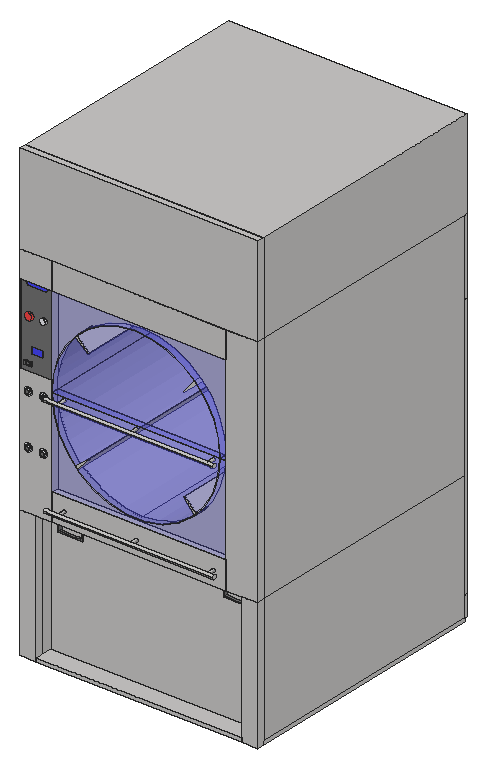
Revit family "QF_ELECTROLUXPROFESSIONAL_1LSPHS_TD6-60SLD_G", category Attrezzature speciali, Revit 2021
Family settings
  Quota connettore circolare = Usa diametro
  Tipo di parte = Normale
  Basato su piano di lavoro = No
  Sempre verticale = Sì
  Taglio con vuoti quando caricato = No
  Condiviso = No
  Punto di calcolo locali = No
Parameters (values of type "1LT65A")
  Weight in Pounds = 524
  Watts = 3 W
  Volts = 380 V
  URL = "https://www.electroluxprofessional.com"
  Steam Supply Size = 0 mm
  Steam Supply Minimum Pressure = 0.0 Pa
  Steam Supply Maximum Pressure = 0.0 Pa
  Steam Pounds per Hour = 0
  Prospetto di default = 0 mm
  Produttore = "Electrolux Professional"
  Phase = 3
  Model = ""
  Length Actual = 1314 mm
  Item Number = "9875130047"
  Hot Water Size = 0 mm
  Height Actual = 2465 mm
  Gas Size = 0 mm
  Gas KW = 0
  Direct Waste Size = 0 mm
  Description = "TUMBLE DRYER DRUM VOLUME 1200L CAPACITY 60KG/132LB SLIDING DOOR "
  Depth Actual = 1490 mm
  Cycle = 50 Hz
  Condensate Return Size = 0 mm
  Compressed Air Volume = 0.0 L/s
  Compressed Air Size = 0 mm
  Compressed Air Pressure = 0.0 Pa
  Cold Water Size = 0 mm
  ALL_MODEL_IMAGE = 0
Types (7, lengths in mm): name | Weight in Pounds | Watts | Volts | Length Actual | Item Number | Height Actual | Depth Actual
  (no name) | 524 | 3 W | 380 V | 1314 | "9875130047" | 2465 | 1490
  1L0H5B | 576 | 3 W | 380 V | 1320 | "9875130033" | 2550 | 1495
  1L0H8J | 524 | 2.2 W | 220 V | 1314 | "9875130037" | 2465 | 1490
  1L82BM | 524 | 2.2 W | 380 V | 1314 | "9875130017" | 2465 | 1490
  1L82BN | 524 | 3 W | 380 V | 1314 | "9875130018" | 2465 | 1490
  1LSPR4 | 524 | 2.2 W | 380 V | 1314 | "9875130004" | 2465 | 1490
  1LT65A | 524 | 3 W | 380 V | 1314 | "9875130047" | 2465 | 1490
Reference planes
  plane 1 "Center (Front/Back)": y = 0
  plane 2: z = 0
  plane 3 "Center (Left/Right)": x = 0
  plane 4 "LEFT": x = -645
  plane 5 "RIGHT": x = 675
  plane 6 "BACK": y = 607.5
  plane 7 "FRONT": y = -887.5
  plane 8 "voidPanel": through (0, -279.09, 846.678) normal (0, -0.9308, 0.3656)
  plane 9 "TOP": z = 2550
  plane 10: z = 2050
  plane 11: z = 930
  plane 12 "GasZ": z = 2130
  plane 13 "EI_Z": z = 1670
  plane 14 "SteamReturn_Z": z = 2130
  plane 15 "SteamInletZ": z = 2425
  plane 16: z = 750
  plane 17 "Maniglia": z = 825
  plane 18: x = 510
  plane 19 "STEAM_x": x = 145
  plane 20 "GAS_x": x = 15
  plane 21 "Button1": x = -600
  plane 22 "Button2": x = -515
  plane 23 "AIR_z": z = 330
  plane 24: z = 2680
  plane 25: y = -1142.5
Forms (mm)
  Revolve 1, solid, material "Glass"
    sketch origin (0, -25, 1395) x (-1, 0, 0) y (0, -1, 0)
      loop
        line (271.034, -452.879) -> (240.785, -467.184)
        arc (240.785, -467.184) -> (232.42, -469.524) -> (223.77, -470.313) r 47.824
        line (223.77, -470.313) -> (0, -470.313) -> (0, -472.313) -> (223.77, -472.313)
        arc (223.77, -472.313) -> (232.82, -471.484) -> (241.57, -469.025) r 49.824
        line (241.57, -469.025) -> (271.889, -454.687)
        arc (271.889, -454.687) -> (278.705, -450.474) -> (284.416, -444.854) r 35.892
        line (284.416, -444.854) -> (447.003, -444.854)
        arc (447.003, -444.854) -> (463.264, -438.119) -> (470, -421.858) r 22.997
        line (470, -421.858) -> (470, 862.5) -> (465, 862.5) -> (465, -421.858)
        arc (465, -421.858) -> (459.729, -434.583) -> (447.003, -439.854) r 17.997
        line (447.003, -439.854) -> (285.5, -439.854)
        arc (285.5, -439.854) -> (279.222, -447.428) -> (271.034, -452.879) r 33.892
      axis (0, -472.313) -> (0, 862.5)
    angle from 0 to 360
  Extrusion 2, solid, material "QF_Finishes_Rubber Black"
    sketch origin (25, 0, 0) x (1, 0, 0) y (0, 1, 0)
      loop
        circle (-610, 510.1) r 20
    from 0 to 10
  Extrusion 3, solid, material "QF_Finishes_Stainless Steel"
    sketch origin (25, 0, 0) x (1, 0, 0) y (0, 1, 0)
      loop
        circle (-610, 510.1) r 11
    from 10 to 25
  Extrusion 4, solid, material "QF_Finishes_Rubber Black"
    sketch origin (25, 0, 0) x (1, 0, 0) y (0, 1, 0)
      loop
        circle (-610, -786.3) r 20
    from 0 to 10
  Extrusion 5, solid, material "QF_Finishes_Stainless Steel"
    sketch origin (25, 0, 0) x (1, 0, 0) y (0, 1, 0)
      loop
        circle (-610, -786.3) r 11
    from 10 to 25
  Extrusion 6, solid, material "QF_Finishes_Rubber Black"
    sketch origin (-25, 0, 0) x (-1, 0, 0) y (0, -1, 0)
      loop
        circle (-640, -510.1) r 20
    from 0 to 10
  Extrusion 7, solid, material "QF_Finishes_Stainless Steel"
    sketch origin (-25, 0, 0) x (-1, 0, 0) y (0, -1, 0)
      loop
        circle (-640, -510.1) r 11
    from 10 to 25
  Extrusion 8, solid, material "QF_Finishes_Rubber Black"
    sketch origin (-25, 0, 0) x (-1, 0, 0) y (0, -1, 0)
      loop
        circle (-640, 786.3) r 20
    from 0 to 10
  Extrusion 9, solid, material "QF_Finishes_Stainless Steel"
    sketch origin (-25, 0, 0) x (-1, 0, 0) y (0, -1, 0)
      loop
        circle (-640, 786.3) r 11
    from 10 to 25
  Extrusion 10, solid, material "QF_Finishes_Stainless Steel"
    sketch origin (0, 607.5, 0) x (0, 0, 1) y (-1, 0, 0)
      loop
        circle (1670, -510) r 5
    from 35 to 45
  Extrusion 11, solid, material "QF_Finishes_Dark Grey"
    sketch origin (0, -887.5, 0) x (0, 0, 1) y (-1, 0, 0)
      loop
        line (1900, 472) -> (1900, 486.361) -> (1885, 501.361) -> (1885, 601.361) -> (1900, 616.361) -> (1900, 643) -> (1455, 643) -> (1455, 472) -> (1900, 472)
      loop
        line (1547.246, 521.361) -> (1582.246, 521.361) -> (1582.246, 581.361) -> (1547.246, 581.361) -> (1547.246, 521.361)
    from 0 to -40
  Extrusion 12, solid, material "QF_Finishes_Stainless Steel"
    sketch origin (0, -887.5, 0) x (0, 0, 1) y (-1, 0, 0)
      loop
        line (2050, -675) -> (2050, 645) -> (750, 645) -> (750, -675) -> (2050, -675)
      loop
        circle (1395, 0) r 470
    from -1438 to -40
  Extrusion 13, solid, material "QF_Finishes_Stainless Steel"
    sketch origin (0, -887.5, 0) x (0, 0, 1) y (-1, 0, 0)
      loop
        line (2550, 645) -> (2050, 645) -> (2050, -675) -> (2550, -675) -> (2550, 645)
    from 0 to -40
  Extrusion 14, solid, material "QF_Finishes_Stainless Steel"
    sketch origin (0, -887.5, 0) x (0, 0, 1) y (-1, 0, 0)
      loop
        line (2550, 645) -> (2050, 645) -> (2050, -675) -> (2550, -675) -> (2550, 645)
    from -40 to -1450
  Extrusion 15, solid, material "QF_Finishes_Stainless Steel"
    sketch origin (0, 0, 0) x (0, 1, 0) y (0, 0, 1)
      loop
        circle (-932.5, 825) r 10
    from -470 to 470
  Extrusion 16, solid, material "QF_Finishes_Stainless Steel"
    sketch origin (0, -887.5, 0) x (0, 0, 1) y (-1, 0, 0)
      loop
        circle (825, 0) r 7.495
      loop
        circle (825, 400) r 7.495
      loop
        circle (825, -430) r 7.495
    from 0 to 45.288
  Extrusion 17, solid, material "QF_Finishes_Stainless Steel"
    sketch origin (0, 0, 0) x (1, 0, 0) y (0, 1, 0)
      loop
        line (-645, 550.5) -> (-645, -847.5) -> (675, -847.5) -> (675, 550.5) -> (-645, 550.5)
    from 45 to 25
  Extrusion 18, solid, material "QF_Finishes_Stainless Steel"
    sketch origin (0, -887.5, -1800) x (0, 0, 1) y (-1, 0, 0)
      loop
        line (2550, 645) -> (1825, 645) -> (1825, 557.5) -> (2550, 557.5) -> (2550, 645)
      loop
        line (2550, -675) -> (2550, -587.5) -> (1825, -587.5) -> (1825, -675) -> (2550, -675)
    from 0 to -40
  Extrusion 19, solid, material "QF_Finishes_Stainless Steel"
    sketch origin (0, -887.5, -1800) x (0, 0, 1) y (-1, 0, 0)
      loop
        line (2550, 645) -> (1845, 645) -> (1845, -675) -> (2550, -675) -> (2550, 645)
    from -40 to -1438
  Extrusion 20, solid, material "QF_Finishes_Stainless Steel"
    sketch origin (0, 607.5, 0) x (0, 0, 1) y (-1, 0, 0)
      loop
        line (1630, 645) -> (159, 645) -> (159, -675) -> (1630, -675) -> (1630, 645)
      loop
        circle (330, 415) r 165.732
    from 45 to 57
  Extrusion 21, solid, material "QF_Finishes_Stainless Steel"
    sketch origin (0, 607.5, 85) x (0, 0, 1) y (-1, 0, 0)
      loop
        circle (245, 415) r 157.5
    from 27 to 57
  Extrusion 22, solid, material "QF_Finishes_Stainless Steel"
    sketch origin (0, 607.5, 0) x (0, 0, 1) y (-1, 0, 0)
      loop
        line (2050, -675) -> (2050, 645) -> (1630, 645) -> (1630, -335) -> (1710, -335) -> (1710, -635) -> (1630, -635) -> (1630, -675) -> (2050, -675)
    from 45 to 57
  Extrusion 23, solid, material "QF_Finishes_Stainless Steel"
    sketch origin (0, 607.5, 0) x (0, 0, 1) y (-1, 0, 0)
      loop
        circle (1395, 0) r 602.448
    from 82 to 57
  Extrusion 24, solid, material "QF_Finishes_Stainless Steel"
    sketch origin (0, 607.5, 0) x (0, 0, 1) y (-1, 0, 0)
      loop
        line (1811, -415) -> (1731, -415) -> (1731, -495) -> (1811, -495) -> (1811, -415)
    from 35 to 45
  Extrusion 25, solid, material "QF_Finishes_Stainless Steel"
    sketch origin (0, 607.5, 0) x (0, 0, 1) y (-1, 0, 0)
      loop
        circle (1771, -455) r 40
    from 15 to 35
  Extrusion 26, solid, material "QF_Finishes_Stainless Steel"
    sketch origin (0, 607.5, 0) x (0, 0, 1) y (-1, 0, 0)
      loop
        line (1806, -450) -> (1736.952, -450) -> (1736.952, -460) -> (1806, -460) -> (1806, -450)
    from 0 to 15
  Extrusion 27, solid, material "QF_Finishes_Blue"
    sketch origin (0, -887.5, -55) x (0, 0, 1) y (-1, 0, 0)
      loop
        line (1955, 616.361) -> (1940, 601.361) -> (1940, 501.361) -> (1955, 486.361) -> (1955, 616.361)
    from 0 to -40
  Extrusion 28, solid, material "QF_Finishes_Red"
    sketch origin (10, -887.5, -245) x (0, 0, 1) y (-1, 0, 0)
      loop
        circle (1980, 601.361) r 20
    from 10 to 0
  Extrusion 29, solid, material "QF_Finishes_White"
    sketch origin (-1112.721, -887.5, -245) x (0, 0, 1) y (-1, 0, 0)
      loop
        circle (1980, -601.361) r 15
    from 10 to 0
  Extrusion 30, solid, material "QF_Finishes_Blue"
    sketch origin (0, -887.5, -325) x (0, 0, 1) y (-1, 0, 0)
      loop
        line (1907.246, 581.361) -> (1872.246, 581.361) -> (1872.246, 521.361) -> (1907.246, 521.361) -> (1907.246, 581.361)
    from 0 to -40
  Extrusion 31, solid, material "QF_Finishes_Dark Grey"
    sketch origin (0, -887.5, -325) x (0, 0, 1) y (-1, 0, 0)
      loop
        line (1830.636, 611.24) -> (1814.636, 611.24) -> (1814.636, 587.24) -> (1830.636, 587.24) -> (1830.636, 611.24)
      loop
        line (1812.636, 619.24) -> (1812.636, 579.24) -> (1832.636, 579.24) -> (1832.636, 619.24) -> (1812.636, 619.24)
    from 5 to 0
  Extrusion 32, solid, material "QF_Finishes_Dark Grey"
    sketch origin (0, -887.5, -325) x (0, 0, 1) y (-1, 0, 0)
      loop
        line (1815.636, 588.24) -> (1829.636, 588.24) -> (1829.636, 607.24) -> (1815.636, 607.24) -> (1815.636, 588.24)
    from 5 to 0
  Extrusion 33, solid, material "QF_Finishes_Stainless Steel"
    sketch origin (0, 607.5, 0) x (0, 0, 1) y (-1, 0, 0)
      loop
        circle (2130, -15) r 12.7
    from 45 to 35
  Extrusion 34, solid, material "QF_Finishes_Stainless Steel"
    sketch origin (0, -887.5, 0) x (0, 0, 1) y (-1, 0, 0)
      loop
        line (750, 470) -> (2050, 470) -> (2050, 645) -> (750, 645) -> (750, 470)
      loop
        line (1455, 472) -> (1900, 472) -> (1900, 643) -> (1455, 643) -> (1455, 472)
    from 0 to -40
  Extrusion 35, solid, material "Glass"
    sketch origin (-2.279, -887.5, 0) x (0, 0, 1) y (-1, 0, 0)
      loop
        line (1900, 467.721) -> (1395, 467.721) -> (1395, -502.279) -> (1900, -502.279) -> (1900, 467.721)
    from 0 to -40
  Extrusion 36, solid, material "Glass"
    sketch origin (0, -887.5, 0) x (0, 0, 1) y (-1, 0, 0)
      loop
        line (1395, 470) -> (900, 470) -> (900, -500) -> (1395, -500) -> (1395, 470)
    from 0 to -40
  Extrusion 37, solid, material "QF_Finishes_Stainless Steel"
    sketch origin (0, -887.5, 2630) x (0, 0, -1) y (1, 0, 0)
      loop
        line (730, -470) -> (730, 500) -> (580, 500) -> (580, -470) -> (730, -470)
    from 0 to -40
  Extrusion 38, solid, material "QF_Finishes_Stainless Steel"
    sketch origin (0, -887.5, 0) x (0, 0, 1) y (-1, 0, 0)
      loop
        line (750, -500) -> (750, -675) -> (2050, -675) -> (2050, -500) -> (750, -500)
    from -40 to 0
  Extrusion 39, solid, material "QF_Finishes_Stainless Steel"
    sketch origin (0, -887.5, 0) x (0, 0, 1) y (-1, 0, 0)
      loop
        line (900, 470) -> (750, 470) -> (750, -500) -> (900, -500) -> (900, 470)
    from 0 to -40
  Extrusion 40, solid, material "QF_Finishes_Stainless Steel"
    sketch origin (0, -887.5, 0) x (0, 0, 1) y (-1, 0, 0)
      loop
        line (1060.314, 324.828) -> (1131.765, 266.289)
        arc (1131.765, 266.289) -> (1132.937, 266.347) -> (1132.995, 267.518) r 0.873
        line (1132.995, 267.518) -> (1074.442, 338.778)
        arc (1074.442, 338.778) -> (1067.303, 331.878) -> (1060.314, 324.828) r 466.399
      loop
        arc (1060.314, -324.828) -> (1067.303, -331.878) -> (1074.442, -338.778) r 466.399
        line (1074.442, -338.778) -> (1132.995, -267.518)
        arc (1132.995, -267.518) -> (1132.937, -266.347) -> (1131.765, -266.289) r 0.873
        line (1131.765, -266.289) -> (1060.314, -324.828)
      loop
        arc (1729.686, 324.828) -> (1722.697, 331.878) -> (1715.558, 338.778) r 466.399
        line (1715.558, 338.778) -> (1657.005, 267.518)
        arc (1657.005, 267.518) -> (1657.063, 266.347) -> (1658.235, 266.289) r 0.873
        line (1658.235, 266.289) -> (1729.686, 324.828)
      loop
        line (1729.686, -324.828) -> (1658.235, -266.289)
        arc (1658.235, -266.289) -> (1657.063, -266.347) -> (1657.005, -267.518) r 0.873
        line (1657.005, -267.518) -> (1715.558, -338.778)
        arc (1715.558, -338.778) -> (1722.697, -331.878) -> (1729.686, -324.828) r 466.399
    from 0 to -1245.3
  Extrusion 41, solid, material "QF_Finishes_White"
    sketch origin (0, -887.5, 0) x (0, 0, 1) y (-1, 0, 0)
      loop
        circle (1356.391, 600) r 20
      loop
        circle (1356.391, 515) r 20
      loop
        circle (1076.391, 600) r 20
      loop
        circle (1076.391, 515) r 20
    from 0 to 1.6
  Extrusion 42, solid, material "QF_Finishes_White"
    sketch origin (0, -887.5, 0) x (0, 0, 1) y (-1, 0, 0)
      loop
        circle (1356.391, 600) r 14
      loop
        circle (1356.391, 600) r 12.986
      loop
        circle (1356.391, 515) r 9
      loop
        circle (1356.391, 515) r 8
      loop
        circle (1076.391, 600) r 14
      loop
        circle (1076.391, 600) r 12.986
      loop
        circle (1076.391, 515) r 14
      loop
        circle (1076.391, 515) r 12.986
    from 1.6 to 10
  Extrusion 43, solid, material "QF_Finishes_Dark Grey"
    sketch origin (0, -887.5, 0) x (0, 0, 1) y (-1, 0, 0)
      loop
        circle (1356.391, 515) r 8
      loop
        circle (1356.391, 600) r 12.986
      loop
        circle (1076.391, 515) r 12.986
      loop
        circle (1076.391, 600) r 12.986
    from 1.6 to 10
  Extrusion 44, solid, material "QF_Finishes_Stainless Steel"
    sketch origin (0, 0, 570) x (0, 1, 0) y (0, 0, 1)
      loop
        circle (-932.5, 808) r 10
    from -470 to 470
  Extrusion 45, solid, material "QF_Finishes_Stainless Steel"
    sketch origin (0, -887.5, 570) x (0, 0, 1) y (-1, 0, 0)
      loop
        circle (808, 0) r 7.495
      loop
        circle (808, 400) r 7.495
      loop
        circle (808, -430) r 7.495
    from 0 to 45.288
  Extrusion 46, void
    sketch origin (0, -887.5, 0) x (0, 0, 1) y (-1, 0, 0)
      loop
        line (750, 557.5) -> (45, 557.5) -> (45, -587.5) -> (750, -587.5) -> (750, 557.5)
    from 0 to -100
  Extrusion 47, solid, material "QF_Finishes_Stainless Steel"
    sketch origin (0, -887.5, 0) x (0, 0, 1) y (-1, 0, 0)
      loop
        line (45, 557.5) -> (25, 557.5) -> (25, -587.5) -> (45, -587.5) -> (45, 557.5)
    from 0 to -40
  Extrusion 48, void
    sketch origin (0, -887.5, 0) x (0, 0, 1) y (-1, 0, 0)
      loop
        line (699.085, 515) -> (639.085, 515) -> (639.085, 375) -> (699.085, 375) -> (699.085, 515)
      loop
        line (699.085, -545) -> (699.085, -405) -> (639.085, -405) -> (639.085, -545) -> (699.085, -545)
    from -118.33 to -100
  Extrusion 49, solid, material "QF_Finishes_Dark Grey"
    sketch origin (0, -887.5, 0) x (0, 0, 1) y (-1, 0, 0)
      loop
        line (699.085, 515) -> (639.085, 515) -> (639.085, 375) -> (699.085, 375) -> (699.085, 515)
      loop
        line (694.085, 380) -> (694.085, 510) -> (649.085, 510)
        arc (649.085, 510) -> (642.609, 445) -> (649.085, 380) r 329.475
        line (649.085, 380) -> (694.085, 380)
      loop
        line (699.085, -545) -> (699.085, -405) -> (639.085, -405) -> (639.085, -545) -> (699.085, -545)
      loop
        line (694.085, -410) -> (649.085, -410)
        arc (649.085, -410) -> (642.609, -475) -> (649.085, -540) r 329.475
        line (649.085, -540) -> (694.085, -540) -> (694.085, -410)
    from -118.33 to -100
  Extrusion 50, solid, material "QF_Finishes_Stainless Steel"
    sketch origin (0, 607.5, -840) x (0, 0, 1) y (-1, 0, 0)
      loop
        line (999, 645) -> (885, 645) -> (885, -675) -> (999, -675) -> (999, 645)
    from 45 to 57
  Extrusion 51, solid, material "QF_Clearances", detail levels coarse
    sketch origin (0, 0, 0) x (0, 1, 0) y (0, 0, 1)
      loop
        line (-887.5, -49.257) -> (-887.5, 2550) -> (325.443, 2550) -> (312.689, 2680) -> (-1141.264, 2537.358) -> (-887.5, -49.257)
    from -645 to 675
Cuts and joins
  joined: Extrusion 15, Extrusion 16
  joined: Extrusion 12, Extrusion 23
  Extrusion 46, Extrusion 48 cuts Extrusion 19
  joined: Extrusion 17, Extrusion 47
Lines and regions (mm)
  symbolic lines
    curve 1: line (-645, 562.5, 744.475) -> (675, 562.5, 744.475)
    curve 2: line (-645, -847.5, 744.475) -> (-645, 562.5, 744.475)
    curve 3: line (675, -847.5, 744.475) -> (-645, -847.5, 744.475)
    curve 4: line (675, 562.5, 744.475) -> (675, -847.5, 744.475)
    curve 5: line (-645, -847.5, 744.475) -> (-645, -887.5, 744.475)
    curve 6: line (-645, -887.5, 744.475) -> (675, -887.5, 744.475)
    curve 7: line (675, -887.5, 744.475) -> (675, -847.5, 744.475)
    curve 8: line (-635, -887.5, 744.475) -> (-635, -889.5, 744.475)
    curve 9: line (-635, -889.5, 744.475) -> (-486.361, -889.5, 744.475)
    curve 10: line (-486.361, -889.5, 744.475) -> (-486.361, -887.5, 744.475)
    curve 11: line (-619.24, -889.5, 744.475) -> (-619.24, -897.5, 744.475)
    curve 12: line (-619.24, -897.5, 744.475) -> (-496.361, -897.5, 744.475)
    curve 13: line (-496.361, -897.5, 744.475) -> (-496.361, -889.5, 744.475)
    curve 14: line (-470, -922.5, 744.475) -> (-470, -942.5, 744.475)
    curve 15: line (-470, -942.5, 744.475) -> (470, -942.5, 744.475)
    curve 16: line (470, -942.5, 744.475) -> (470, -922.5, 744.475)
    curve 17: line (470, -922.5, 744.475) -> (437.495, -922.5, 744.475)
    curve 18: line (437.495, -922.5, 744.475) -> (437.495, -887.5, 744.475)
    curve 19: line (422.505, -922.5, 744.475) -> (422.505, -887.5, 744.475)
    curve 20: line (422.505, -922.5, 744.475) -> (-392.505, -922.5, 744.475)
    curve 21: arc (437.495, -922.5, 744.475) -> (430, -925.88, 744.475) -> (422.505, -922.5, 744.475) r 10
    curve 28: line (7.495, -922.5, 744.475) -> (7.495, -887.5, 744.475)
    curve 29: line (-7.495, -922.5, 744.475) -> (-7.495, -887.5, 744.475)
    curve 30: arc (7.495, -922.5, 744.475) -> (0, -925.88, 744.475) -> (-7.495, -922.5, 744.475) r 10
    curve 31: line (-392.505, -922.5, 744.475) -> (-392.505, -887.5, 744.475)
    curve 32: line (-407.495, -922.5, 744.475) -> (-407.495, -887.5, 744.475)
    curve 33: arc (-392.505, -922.5, 744.475) -> (-400, -925.88, 744.475) -> (-407.495, -922.5, 744.475) r 10
  symbolic lines, style "SpecialityEquipmentHiddenLines"
    curve 22: line (495, 562.5, 744.475) -> (495, 592.5, 744.475)
    curve 23: line (495, 592.5, 744.475) -> (415, 592.5, 744.475)
    curve 24: line (415, 592.5, 744.475) -> (415, 562.5, 744.475)
    curve 25: line (450, 592.5, 744.475) -> (450, 607.5, 744.475)
    curve 26: line (450, 607.5, 744.475) -> (460, 607.5, 744.475)
    curve 27: line (460, 607.5, 744.475) -> (460, 592.5, 744.475)
    curve 34: line (-407.495, -922.5, 744.475) -> (-470, -922.5, 744.475)
  symbolic lines, style "QF_Clearances"
    curve 35: line (-645, -887.5, 744.475) -> (-645, -1141.264, 744.475)
    curve 36: line (-645, -1141.264, 744.475) -> (675, -1141.264, 744.475)
    curve 37: line (675, -1141.264, 744.475) -> (675, -887.5, 744.475)
Dimensions and locks
  plane 7 "FRONT" to plane 6 "BACK" = 1495 mm
  plane 4 "LEFT" to plane 5 "RIGHT" = 1320 mm
  plane 9 "TOP" to level = 2550 mm
  plane 9 "TOP" to plane 10 = 500 mm
  plane 11 to level = 930 mm
  plane 12 "GasZ" to level = 2130 mm
  plane 13 "EI_Z" to level = 1670 mm
  plane 14 "SteamReturn_Z" to level = 2130 mm
  plane 15 "SteamInletZ" to level = 2425 mm
  locked: plane 10 to plane 16 at 1300
  plane 17 "Maniglia" to level = 825 mm
  plane 5 "RIGHT" to plane 18 = 165 mm
  plane 5 "RIGHT" to plane 19 "STEAM_x" = 530 mm
  plane 5 "RIGHT" to plane 20 "GAS_x" = 660 mm
  level to plane 23 "AIR_z" = 330 mm
  plane 24 to level = 2680 mm
  plane 25 to plane 6 "BACK" = 1750 mm
  aligned and locked: level to plane 2
Connectors
  electrical at (510, 572.5, 1670)
    settings: on Extrusion 10, index 6, voltage 0 V, apparent load 0 VA, apparent load phase1 0 VA, apparent load phase2 0 VA, apparent load phase3 0 VA, power factor 1, load classification "Other", number of poles 1, system type 30, power factor state 1, is connector primary yes, connector utility no, sub classification motor no, connector description "Electrical Connection"
  hvac at (-415, 580.5, 330)
    settings: on Extrusion 21, index 9, duct flow 0.0 L/s, flow factor 0, pres drop 0.0 Pa, loss coef 0, conn angle 0.00°, conn width 304.8 mm, conn height 304.8 mm, conn diameter 315 mm, duct sys type 3, conn prof type 0, flow config 1, flow direction 2, loss method 0, conn ref index -1, conn util no, is conn primary yes, conn desc "Exhaust Air Outlet"
  piping at (15, 572.5, 2130), diameter 25.4
    settings: on Extrusion 33, index 10, connector inside diameter 609.6 mm, connector length 0 mm, flow factor 0, pipe flow 0.0 L/s, pressure drop 0.0 Pa, fitting loss kfactor 0, connector angle 0.00°, fixture units 0, engagement length 0 mm, angle of deflection 0.00°, flow configuration 1, flow direction 1, fitting loss method 0, system type 7, joint type 0, gender type 0, connector reference index -1, connector utility 0, adjustable connector no, is connector primary yes, connector description "GAS Connection"
